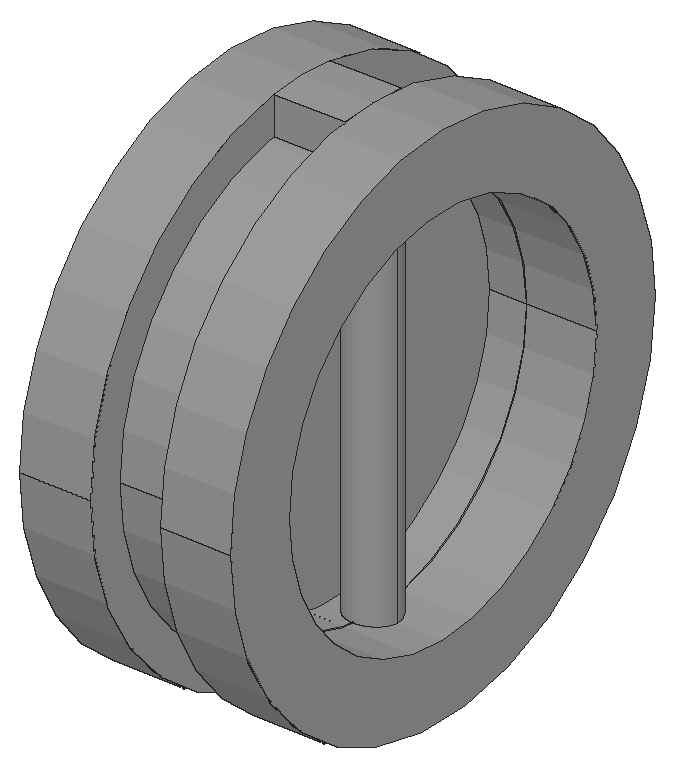
Revit family "2M_Check Valve_UNIVAL_CHE-1005 - 50-400 mm", category Pipe Accessories, Revit 2016
Family settings
  Part Type = Valve - Breaks Into
  Round Connector Dimension = Use Diameter
  OmniClass Number = 23.65.55.14
  OmniClass Title = Valves for Liquid Services
  Work Plane-Based = No
  Always vertical = Yes
  Cut with Voids When Loaded = No
  Shared = No
Parameters (values of type "DN100")
  w = B / 3  # 21.333 mm
  Symbol_w1 = Symbol_w / 16  # 2.32 mm
  Symbol_w = B * 0.58  # 37.12 mm
  d = w / 1.4  # 15.238 mm
  Symbol_L3 = B * 0.81  # 51.84 mm
  Symbol_L2 = Symbol_w / 4  # 9.28 mm
  Kv = 327
  Disc_w = 10 mm
  C = 117 mm
  built-in parameter 1114242 [instance] = 1
  URL = "http://www.unival.com.tr/"
  Spring Material = "Stainless steel"
  Pressure Rating = "PN16"
  Model = "CHE-1005X100"
  Max. Working Temperature = "120°C"
  Manufacturer = "Giacomini Unival\r\nGiacomini Unival\r\nGiacomini Unival"
  Loss Method = Not Defined
  B1 = B - 2 * w  # 21.333 mm
  B = 64 mm
  Disc Material = "Stainless steel"
  Description TR = "Çift klapeli çek vana"
  Description = "Dual plate disk check valve"
  DN = 100 mm
  Connection Type = "Wafer"
  Certifications = "TSE, EAC, CE"
  Body Material = "Cast iron"
  AC2 = (A + C) / 2  # 139 mm
  A = 161 mm
  Standard No = "TSEK"
Types (11, lengths in mm): name | w | Symbol_w1 | Symbol_w | d | Symbol_L3 | Symbol_L2 | Kv | C | Model | B1 | B | DN | AC2 | A
  DN50 | 14.333 | 1.559 | 24.94 | 10.238 | 34.83 | 6.235 | 65 | 65 | "CHE-1005X050" | 14.333 | 43 | 50 | 86 | 107
  DN65 | 15.333 | 1.667 | 26.68 | 10.952 | 37.26 | 6.67 | 86 | 80 | "CHE-1005X065" | 15.333 | 46 | 65 | 103 | 126
  DN80 | 21.333 | 2.32 | 37.12 | 15.238 | 51.84 | 9.28 | 166 | 94 | "CHE-1005X080" | 21.333 | 64 | 80 | 117.5 | 141
  DN100 | 21.333 | 2.32 | 37.12 | 15.238 | 51.84 | 9.28 | 327 | 117 | "CHE-1005X100" | 21.333 | 64 | 100 | 139 | 161
  DN125 | 23.333 | 2.538 | 40.6 | 16.667 | 56.7 | 10.15 | 420 | 145 | "CHE-1005X125" | 23.333 | 70 | 125 | 168 | 191
  DN150 | 25.333 | 2.755 | 44.08 | 18.095 | 61.56 | 11.02 | 713 | 170 | "CHE-1005X150" | 25.333 | 76 | 150 | 193.5 | 217
  DN200 | 29.667 | 3.226 | 51.62 | 21.19 | 72.09 | 12.905 | 1382 | 224 | "CHE-1005X200" | 29.667 | 89 | 200 | 248 | 272
  DN250 | 38 | 4.133 | 66.12 | 27.143 | 92.34 | 16.53 | 2536 | 265 | "CHE-1005X250" | 38 | 114 | 250 | 296 | 327
  DN300 | 38 | 4.133 | 66.12 | 27.143 | 92.34 | 16.53 | 3886 | 310 | "CHE-1005X300" | 38 | 114 | 300 | 346 | 382
  DN350 | 42.333 | 4.604 | 73.66 | 30.238 | 102.87 | 18.415 | 5104 | 360 | "CHE-1005X350" | 42.333 | 127 | 350 | 401 | 442
  DN400 | 46.667 | 5.075 | 81.2 | 33.333 | 113.4 | 20.3 | 7556 | 410 | "CHE-1005X400" | 46.667 | 140 | 400 | 452 | 494
Reference planes
  plane 1 "Center (Front/Back)": y = 0
  plane 2: z = 0
  plane 3 "Center (Left/Right)": x = 0
  plane 4 "R": x = -32
  plane 5 "L": x = 32
  plane 6: x = 10.667
  plane 7 "Disc": x = -10.667
  plane 8: z = 69.5
  plane 9: y = 10.667
  plane 10: y = -10.667
  plane 11: z = -69.5
Forms (mm)
  Extrusion 1, solid, material "UNIVAL_Green", detail levels fine
    sketch origin (0, 0, 0) x (0, 1, 0) y (0, 0, 1)
      loop
        circle (0, 0) r 69.5
      loop
        circle (0, 0) r 58.5
    from -10.667 to 10.667
  Extrusion 2, solid, material "UNIVAL_Green", detail levels fine
    sketch origin (-141.5, 409.38, 1203.245) x (0, 1, 0) y (0, 0, 1)
      loop
        circle (-409.38, -1203.245) r 58.5
      loop
        circle (-409.38, -1203.245) r 80.5
    from 130.833 to 109.5
  Extrusion 3, solid, material "UNIVAL_Green", detail levels fine
    sketch origin (21.5, 404.349, 1200) x (0, 1, 0) y (0, 0, 1)
      loop
        circle (-404.349, -1200) r 58.5
      loop
        circle (-404.349, -1200) r 80.5
    from 10.5 to -10.833
  Extrusion 4, solid, material "UNIVAL_Green", detail levels fine
    sketch origin (-147, -1524, -332.969) x (0, 0, -1) y (0, -1, 0)
      loop
        line (-390.489, -1513.333) -> (-412.76, -1513.333)
        arc (-412.76, -1513.333) -> (-413.469, -1524) -> (-412.76, -1534.667) r 80.5
        line (-412.76, -1534.667) -> (-390.489, -1534.667)
        arc (-390.489, -1534.667) -> (-391.469, -1524) -> (-390.489, -1513.333) r 58.5
    from -157.667 to -136.333
  Extrusion 5, solid, material "UNIVAL_Green"
    sketch origin (-147, -1524, 332.969) x (0, 0, 1) y (0, 1, 0)
      loop
        arc (-390.489, 1513.333) -> (-391.469, 1524) -> (-390.489, 1534.667) r 58.5
        line (-390.489, 1534.667) -> (-412.76, 1534.667)
        arc (-412.76, 1534.667) -> (-413.469, 1524) -> (-412.76, 1513.333) r 80.5
        line (-412.76, 1513.333) -> (-390.489, 1513.333)
    from -157.667 to -136.333
  Extrusion 6, solid, material "UNIVAL_Green", detail levels fine
    sketch origin (-32, 409.38, 1203.846) x (0, 1, 0) y (0, 0, 1)
      loop
        arc (-398.713, -1146.327) -> (-409.38, -1145.346) -> (-420.047, -1146.327) r 58.5
        line (-420.047, -1146.327) -> (-420.047, -1261.366)
        arc (-420.047, -1261.366) -> (-409.38, -1262.346) -> (-398.713, -1261.366) r 58.5
        line (-398.713, -1261.366) -> (-398.713, -1146.327)
    from 0 to 21.333
  Extrusion 7, solid, material "UNIVAL_Grey", detail levels fine
    sketch origin (0, 0, 0) x (1, 0, 0) y (0, 1, 0)
      loop
        circle (10.667, 0) r 7.619
    from -69.5 to 69.5
  Extrusion 8, solid, material "UNIVAL_Grey", detail levels fine
    sketch origin (-10.667, 0, 0) x (0, 1, 0) y (0, 0, 1)
      loop
        circle (0, 0) r 58.5
    from 0 to 10 <- "Disc_w"
Cuts and joins
  joined: Extrusion 2, Extrusion 3, Extrusion 4, Extrusion 6
Lines and regions (mm)
  model lines, not visible, detail levels coarse+medium
    curve 1: line (-32, 18.56, 0) -> (32, 18.56, 0)
    curve 3: line (32, -18.56, 0) -> (-32, -18.56, 0)
  model lines, detail levels coarse+medium
    curve 2: line (-32, -18.56, 0) -> (-32, 18.56, 0)
    curve 4: line (32, 18.56, 0) -> (32, -18.56, 0)
    curve 5: line (32, -18.56, 0) -> (-32, 18.56, 0)
    curve 6: line (-25.92, 20.88, 0) -> (25.92, 20.88, 0)
    curve 7: line (25.92, 20.88, 0) -> (16.64, 23.2, 0)
    curve 8: line (16.64, 23.2, 0) -> (16.64, 20.88, 0)
Dimensions and locks
  equal spacing: plane 7 "Disc", plane 3 "Center (Left/Right)", plane 6
  "B1": plane 7 "Disc" to plane 6
  "w": plane 4 "R" to plane 7 "Disc"
  "w": plane 6 to plane 5 "L"
  Extrusion 3 to plane 3 "Center (Left/Right)" = 10.667 mm
  equal spacing: plane 9, plane 1 "Center (Front/Back)", plane 10
  "w": plane 9 to plane 10
  equal spacing: plane 8, level, plane 11
  "AC2": plane 8 to plane 11
  equal spacing: curve 1, plane 1 "Center (Front/Back)", curve 3
  "Symbol_w": curve 1 to curve 3
  "Symbol_w1": curve 6 to curve 8
  "Symbol_w1": curve 1 to curve 6
  "Symbol_L2": curve 8 to curve 7
  equal spacing: curve 6, plane 3 "Center (Left/Right)", curve 7
  "Symbol_L3": curve 6 to curve 7
  "AC2": diameter of Extrusion 1 sketch curve
  "C": diameter of Extrusion 1 sketch curve
  "C": diameter of Extrusion 2 sketch curve
  "A": diameter of Extrusion 2 sketch curve
  "C": diameter of Extrusion 3 sketch curve
  "A": diameter of Extrusion 3 sketch curve
  "C": diameter of Extrusion 4 sketch curve
  "A": diameter of Extrusion 4 sketch curve
  "C": diameter of Extrusion 5 sketch curve
  "A": diameter of Extrusion 5 sketch curve
  "d": diameter of Extrusion 7 sketch curve
  "C": diameter of Extrusion 8 sketch curve
  aligned and locked: level to plane 2
  aligned and locked: plane 1 "Center (Front/Back)" to Extrusion 1 sketch curve  (x2)
  aligned and locked: plane 2 to Extrusion 1 sketch curve  (x2)
  aligned and locked: Extrusion 2 to plane 4 "R"
  aligned and locked: plane 2 to Extrusion 3 sketch curve  (x2)
  aligned and locked: plane 1 "Center (Front/Back)" to Extrusion 3 sketch curve  (x2)
  aligned and locked: plane 5 "L" to Extrusion 3
  aligned and locked: plane 7 "Disc" to Extrusion 1
  aligned and locked: plane 6 to Extrusion 1
  aligned and locked: plane 7 "Disc" to Extrusion 2
  aligned and locked: Extrusion 3 to plane 6
  aligned and locked: plane 2 to Extrusion 2 sketch curve  (x2)
  aligned and locked: plane 1 "Center (Front/Back)" to Extrusion 2 sketch curve  (x2)
  aligned and locked: plane 10 to Extrusion 4
  aligned and locked: plane 2 to Extrusion 4 sketch curve
  aligned and locked: plane 1 "Center (Front/Back)" to Extrusion 4 sketch curve
  aligned and locked: Extrusion 6 sketch curve to Extrusion 4
  aligned and locked: Extrusion 6 sketch curve to Extrusion 5
  aligned and locked: plane 9 to Extrusion 6 sketch curve
  aligned and locked: plane 10 to Extrusion 6 sketch curve
  aligned and locked: Extrusion 4 to plane 7 "Disc"
  aligned and locked: plane 6 to Extrusion 4
  aligned and locked: Extrusion 5 to plane 7 "Disc"
  aligned and locked: plane 6 to Extrusion 5
  aligned and locked: plane 1 "Center (Front/Back)" to Extrusion 7 sketch curve
  aligned and locked: plane 6 to Extrusion 7 sketch curve
  aligned and locked: Extrusion 2 to Extrusion 6
  aligned and locked: plane 8 to Extrusion 7
  aligned and locked: Extrusion 7 to plane 11
  aligned and locked: plane 1 "Center (Front/Back)" to Extrusion 8 sketch curve
  aligned and locked: plane 2 to Extrusion 8 sketch curve
  aligned and locked: plane 1 "Center (Front/Back)" to connector elem  (x2)
  aligned and locked: plane 4 "R" to curve 2
  aligned and locked: curve 4 to plane 5 "L"
Automatic sketch dimensions
  Extrusion 4 sketch curve to Extrusion 4 sketch curve = 0 mm  (x2)
  Extrusion 4 sketch curve to plane 10 = 0 mm
  Extrusion 4 sketch curve to plane 9 = 0 mm
  Extrusion 5 sketch curve to Extrusion 5 sketch curve = 0 mm  (x2)
  Extrusion 5 sketch curve to plane 10 = 0 mm
  Extrusion 5 sketch curve to plane 9 = 0 mm
  Extrusion 5 sketch curve to level = 0 mm
  Extrusion 5 sketch curve to plane 1 "Center (Front/Back)" = 0 mm
Connectors
  piping at (-32, 0, 0), diameter 100, driven by "DN"
    settings: on cut or joined group of Extrusion 2, Extrusion 3, Extrusion 4, Extrusion 6, index 1, connector inside diameter 609.6 mm, connector length 0 mm, flow factor 0, pipe flow 0.0 L/s, pressure drop 0.0 Pa, fitting loss kfactor 0, connector angle 0.00°, fixture units 0, engagement length 0 mm, angle of deflection 0.00°, flow configuration 0, flow direction 0, fitting loss method 0, system type 29, joint type 0, gender type 0, connector reference index 2, connector utility 0, adjustable connector no, is connector primary yes, connector description ""
  piping at (32, 0, 0), diameter 100, driven by "DN"
    settings: on cut or joined group of Extrusion 2, Extrusion 3, Extrusion 4, Extrusion 6, index 2, connector inside diameter 609.6 mm, connector length 0 mm, flow factor 0, pipe flow 0.0 L/s, pressure drop 0.0 Pa, fitting loss kfactor 0, connector angle 0.00°, fixture units 0, engagement length 0 mm, angle of deflection 0.00°, flow configuration 0, flow direction 0, fitting loss method 0, system type 29, joint type 0, gender type 0, connector reference index 1, connector utility 0, adjustable connector no, is connector primary no, connector description ""
